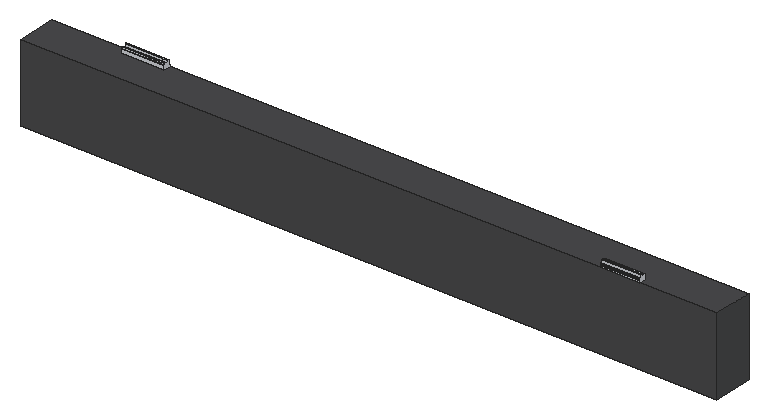
Revit family "STRIPE BLOCK RAIL 646_DTM30W.6.2.90", category Luminarias, Revit 2019
Family settings
  Cota de conector redondo = Diámetro de uso
  Tipo de pieza = Normal
  Se basa en plano de trabajo = Sí
  Siempre vertical = Sí
  Corte con vacíos al cargar = No
  Origen de luz = Sí
  Compartido = No
  Punto de cálculo de habitación = No
Parameters (values of type "STRIPE BLOCK RAIL 646_DTM30W.6.2.90")
  Ángulo de inclinación = 60.00°
  Zone [instance] = ""
  Watt per fixture = 30
  Wattage = 30 W
  built-in parameter 1150107 = 3000 (stored number, unit not read)
  built-in parameter 1150110 = 1 (stored number, unit not read)
  built-in parameter 1150109 = 1 (stored number, unit not read)
  built-in parameter 1150112 = 1 (stored number, unit not read)
  built-in parameter 1150113 = 1 (stored number, unit not read)
  built-in parameter 1114218 = 1 (stored number, unit not read)
  Keynote = ""
  built-in parameter 1150137 = (empty or 0)
  built-in parameter 1150132 = (empty or 0)
  Modelo = "DTM30W.6.2.90"
  Lámpara = "2835SMD SAMSUNG"
  built-in parameter 1150105 = 202.92 (stored number, unit not read)
  built-in parameter 1150102 = (empty or 0)
  built-in parameter 1150106 = 2.0292 (stored number, unit not read)
  Lumens = 2550 lm
  Color Filter = 16777215
  built-in parameter 1114217 = 1 (stored number, unit not read)
  built-in parameter 1150139 = (empty or 0)
  Fabricante = "BRILLANT"
  Default Elevation = 1219.2 mm
  built-in parameter 1150104 = 7.8968 (stored number, unit not read)
  Descripción = "LUMINARIA DOWNLIGHT EN FORMATO RECTANGULAR COMPATIBLE CON RIEL DE 6 ENTRADAS Y 3 CIRCUITOS, CUERPO DE ALUMINIO ACABADO EN COLOR NEGRO, IP 20, PESO 1.32Kg, TIPO DE LED 2835SMD SAMSUNG CON 30W TOTAL, 2235 LUMENES, 85LM/W, IRC 90, TEMPERATURA EN BLANCO CALIDO 3000K, 50 MIL HORAS DE VIDA PROMEDIO, APERTURA DE 90 GRADOS POR STOCK, ALIMENTADO A 90-240V"
  built-in parameter 1150115 = 1 (stored number, unit not read)
  built-in parameter 1150114 = 1 (stored number, unit not read)
  Comentarios de vataje = "90-240V"
  built-in parameter 1150138 = (empty or 0)
  built-in parameter 1150134 = (empty or 0)
  Circuit [instance] = ""
  Dimming Lamp Color Temperature Shift = (empty or 0)
  Archivo de red fotométrica = "L646B-30W-830-B-90_IESNA95.IES"
  built-in parameter 1150133 = 10 (stored number, unit not read)
Reference planes
  plane 1 "Centro (Frontal/Posterior)": y = 0
  plane 2: z = 0
  plane 3 "Centro (Izquierda/Derecha)": x = 0
Forms (mm)
  Extrusion 1, solid, material "Default Form"
    sketch origin (0, 0, 0) x (1, 0, 0) y (0, 0, 1)
      loop
        line (-323, 0) -> (-323, -72) -> (323, -72) -> (323, 0) -> (-323, 0)
    from -18.326 to 18.326
  Extrusion 2, solid
    sketch origin (0, 0, 3.217) x (0, 1, 0) y (0, 0, 1)
      loop
        line (-12.149, -3.217) -> (-12.149, 0) -> (-12.935, 0) -> (-12.935, 1.637) -> (-13.796, 1.637) -> (-13.796, 0) -> (-14.582, 0) -> (-14.582, 0.811) -> (-15.443, 0.811) -> (-15.443, 0) -> (-16.233, 0) -> (-16.233, 2.691) -> (-17.279, 2.691) -> (-17.279, 0) -> (-18.061, 0) -> (-18.061, -0.861) -> (-17.162, -0.861) -> (-17.162, -2.042) -> (-18.326, -2.042) -> (-18.326, -3.217) -> (-12.149, -3.217)
    from 215.559 to 251.803
  Blend 3, void
    base sketch origin (0, 0, 0) x (1, 0, 0) y (0, 1, 0)
      loop
        line (-320, 16.149) -> (-320, -16.149) -> (320, -16.149) -> (320, 16.149) -> (-320, 16.149)
    top sketch origin (0, 0, 0) x (1, 0, 0) y (0, 1, 0)
      loop
        line (-316.632, 12.149) -> (-316.632, -12.149) -> (315, -12.149) -> (315, 12.149) -> (-316.632, 12.149)
    from -72 to -61.591
  Extrusion 4, solid
    sketch origin (-125, 0, 3.217) x (0, -1, 0) y (0, 0, 1)
      loop
        line (-12.149, -3.217) -> (-12.149, 0) -> (-12.935, 0) -> (-12.935, 1.637) -> (-13.796, 1.637) -> (-13.796, 0) -> (-14.582, 0) -> (-14.582, 0.811) -> (-15.443, 0.811) -> (-15.443, 0) -> (-16.233, 0) -> (-16.233, 2.691) -> (-17.279, 2.691) -> (-17.279, 0) -> (-18.061, 0) -> (-18.061, -0.861) -> (-17.162, -0.861) -> (-17.162, -2.042) -> (-18.326, -2.042) -> (-18.326, -3.217) -> (-12.149, -3.217)
    from 89.098 to 128.24
  Extrusion 5, solid, material "Cristal"
    sketch origin (0, 0, 0) x (1, 0, 0) y (0, 1, 0)
      loop
        line (-320, 16.149) -> (-320, -16.149) -> (320, -16.149) -> (320, 16.149) -> (-320, 16.149)
    from -71.747 to -71.525
Cuts and joins
  Blend 3 cuts Extrusion 1
Dimensions and locks
  equal spacing: Extrusion 1, plane 1 "Centro (Frontal/Posterior)", Extrusion 1
  Extrusion 1 to plane 1 "Centro (Frontal/Posterior)" = 18.326 mm
  Extrusion 1 to Extrusion 1 = 36.651 mm
  Extrusion 1 to Extrusion 1 = 72 mm
  Extrusion 1 to Extrusion 1 = 646 mm
  cut or joined group of Extrusion 1, Blend 3 to cut or joined group of Extrusion 1, Blend 3 = 72 mm
  cut or joined group of Extrusion 1, Blend 3 to cut or joined group of Extrusion 1, Blend 3 = 36.651 mm
  cut or joined group of Extrusion 1, Blend 3 to cut or joined group of Extrusion 1, Blend 3 = 646 mm
  equal spacing: cut or joined group of Extrusion 1, Blend 3, plane 1 "Centro (Frontal/Posterior)", cut or joined group of Extrusion 1, Blend 3
  aligned and locked: level to plane 2
Automatic sketch dimensions
  Extrusion 1 sketch curve to level = 0 mm
  Extrusion 1 sketch curve to plane 3 "Centro (Izquierda/Derecha)" = 323 mm
  plane 3 "Centro (Izquierda/Derecha)" to Extrusion 1 sketch curve = 323 mm
  Extrusion 1 sketch curve to level = 72 mm
  Extrusion 2 sketch curve to level = 0 mm
  level to Extrusion 2 sketch curve = 1.175 mm
  plane 1 "Centro (Frontal/Posterior)" to Extrusion 2 sketch curve = 18.326 mm
  Extrusion 2 sketch curve to Extrusion 2 sketch curve = 0.265 mm
  Extrusion 2 sketch curve to Extrusion 2 sketch curve = 0.782 mm
  Extrusion 2 sketch curve to Extrusion 2 sketch curve = 1.164 mm
  Extrusion 2 sketch curve to Extrusion 2 sketch curve = 1.046 mm
  Extrusion 2 sketch curve to Extrusion 2 sketch curve = 0.789 mm
  Extrusion 2 sketch curve to Extrusion 2 sketch curve = 0.861 mm  (x3)
  Extrusion 2 sketch curve to Extrusion 2 sketch curve = 0.786 mm
  Extrusion 2 sketch curve to Extrusion 2 sketch curve = 0.785 mm
  Extrusion 2 sketch curve to Extrusion 2 sketch curve = 1.181 mm
  level to Extrusion 2 sketch curve = 3.217 mm
  Extrusion 2 sketch curve to Extrusion 2 sketch curve = 0 mm  (x2)
  Extrusion 2 sketch curve to Extrusion 2 sketch curve = 0.811 mm
  Extrusion 2 sketch curve to Extrusion 2 sketch curve = 0.826 mm
  Extrusion 2 sketch curve to Extrusion 2 sketch curve = 1.88 mm
  Blend 3 sketch curve to plane 1 "Centro (Frontal/Posterior)" = 16.149 mm
  Blend 3 sketch curve to plane 3 "Centro (Izquierda/Derecha)" = 320 mm
  plane 1 "Centro (Frontal/Posterior)" to Blend 3 sketch curve = 16.149 mm
  plane 3 "Centro (Izquierda/Derecha)" to Blend 3 sketch curve = 320 mm
  Blend 3 sketch curve to plane 1 "Centro (Frontal/Posterior)" = 12.149 mm
  Blend 3 sketch curve to plane 3 "Centro (Izquierda/Derecha)" = 316.632 mm
  plane 1 "Centro (Frontal/Posterior)" to Blend 3 sketch curve = 12.149 mm
  plane 3 "Centro (Izquierda/Derecha)" to Blend 3 sketch curve = 315 mm
  Extrusion 4 sketch curve to level = 0 mm
  level to Extrusion 4 sketch curve = 1.175 mm
  Extrusion 4 sketch curve to plane 1 "Centro (Frontal/Posterior)" = 18.326 mm
  Extrusion 4 sketch curve to Extrusion 4 sketch curve = 0.265 mm
  Extrusion 4 sketch curve to Extrusion 4 sketch curve = 0.782 mm
  Extrusion 4 sketch curve to Extrusion 4 sketch curve = 1.164 mm
  Extrusion 4 sketch curve to Extrusion 4 sketch curve = 1.046 mm
  Extrusion 4 sketch curve to Extrusion 4 sketch curve = 0.789 mm
  Extrusion 4 sketch curve to Extrusion 4 sketch curve = 0.861 mm  (x3)
  Extrusion 4 sketch curve to Extrusion 4 sketch curve = 0.786 mm
  Extrusion 4 sketch curve to Extrusion 4 sketch curve = 0.785 mm
  Extrusion 4 sketch curve to Extrusion 4 sketch curve = 1.181 mm
  level to Extrusion 4 sketch curve = 3.217 mm
  Extrusion 4 sketch curve to Extrusion 4 sketch curve = 0 mm  (x2)
  Extrusion 4 sketch curve to Extrusion 4 sketch curve = 0.811 mm
  Extrusion 4 sketch curve to Extrusion 4 sketch curve = 0.826 mm
  Extrusion 4 sketch curve to Extrusion 4 sketch curve = 1.88 mm
  plane 1 "Centro (Frontal/Posterior)" to Extrusion 5 sketch curve = 16.149 mm
  Extrusion 5 sketch curve to plane 3 "Centro (Izquierda/Derecha)" = 320 mm
  plane 3 "Centro (Izquierda/Derecha)" to Extrusion 5 sketch curve = 320 mm
  Extrusion 5 sketch curve to plane 1 "Centro (Frontal/Posterior)" = 16.149 mm
Connectors
  electrical at (0, 0, 0)
    settings: on cut or joined group of Extrusion 1, Blend 3, index 1, voltage 240 V, apparent load 0 VA, apparent load phase1 0 VA, apparent load phase2 0 VA, apparent load phase3 0 VA, power factor 1, load classification "Otro", number of poles 1, system type 31, power factor state 1, is connector primary yes, connector utility no, sub classification motor no, connector description ""
